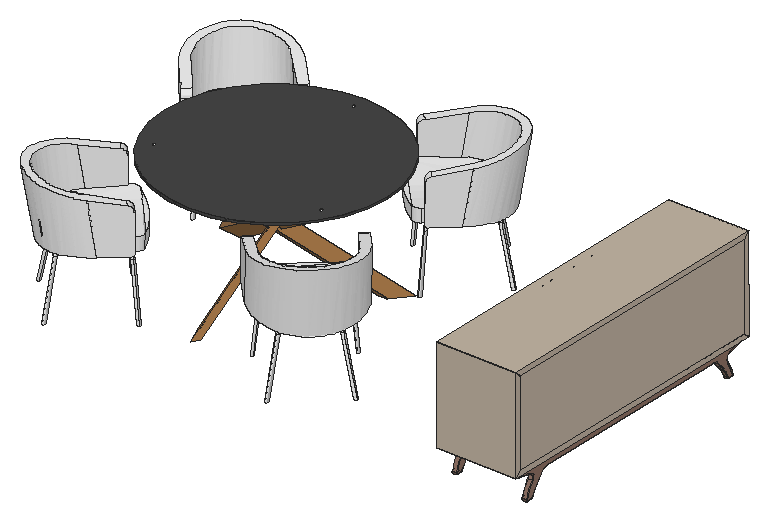
Revit family "T400116", category Furniture, Revit 2015
Parameters (values of type "T400116")
  URL = "https://ofs.com/"
  Model = "T400116"
  Manufacturer = "OFS"
  Description = "OFS TYPICAL T400116"
  Copyright © = "©OFS 2021"
  Catalog = "https://ofs.com/2020-experience"
  Authoring Version = "Autodesk Revit Architecture 2015"
  Assembly Code = "E2020400"
Reference planes
  plane 1 "Center Front/Back": y = 0
  plane 2: z = 0
  plane 3 "Center Left/Right": x = 0
Nested families
  nested 1: "OFS BECK CREDENZAS" at (1629.386, -34.9, 0) x (0, -1, 0) z (0, 0, 1)
  nested 2: "OFS_BECK_TABLES" at (-405.715, 68.993, 0)
  nested 3: "Loewenstein_Cinque_Guest" at (-1118.896, 695.453, 0) x (0.7338, 0.6794, 0) z (0, 0, 1)
  nested 4: "Loewenstein_Cinque_Guest" at (202.598, 780.88, 0) x (0.6753, -0.7375, 0) z (0, 0, 1)
  nested 5: "Loewenstein_Cinque_Guest" at (280.749, -541.065, 0) x (-0.7412, -0.6713, 0) z (0, 0, 1)
  nested 6: "Loewenstein_Cinque_Guest" at (-1041.605, -611.938, 0) x (-0.6672, 0.7449, 0) z (0, 0, 1)
Definition of nested family "OFS BECK CREDENZAS"
  Parameters (values of type "Shelf-Drawer-Shelf Credenza")
    Width = 1790.7 mm
    SDS1 = yes
    DSD1 = no
    Drawers Material = none
    Chasis Material = none
    Legs Material = none
    Height = 762 mm
    Depth = 488.95 mm
    Handle Material = none
    Doors Material = none
  Reference planes
    plane 1 "Center Front/Back": y = 0
    plane 2: z = 0
    plane 3 "Center Left/Right": x = 0
    plane 4: x = -895.35
    plane 5: y = 244.475
    plane 6: y = -244.475
    plane 7: z = 762
    plane 8: z = 0
    plane 9: x = 895.35
  Forms (mm)
    Extrusion 1, solid, material <- "Legs Material"
      sketch origin (0, 0, 0) x (1, 0, 0) y (0, 0, 1)
        loop
          arc (650.386, 133.35) -> (660.679, 131.171) -> (669.206, 125.008) r 25.4
          line (669.206, 125.008) -> (704.444, 86.131)
          arc (704.444, 86.131) -> (735.351, 46.423) -> (759.981, 2.544) r 336.022
          arc (759.981, 2.544) -> (761.608, 0.69) -> (763.976, 0) r 4.408
          line (763.976, 0) -> (789.85, 0)
          arc (789.85, 0) -> (793.695, 1.948) -> (794.4, 6.201) r 4.77
          arc (794.4, 6.201) -> (775.128, 55.02) -> (749.111, 100.604) r 368.223
          arc (749.111, 100.604) -> (746.794, 124.556) -> (765.502, 139.693) r 25.4
          arc (765.502, 139.693) -> (814.305, 150.471) -> (862.357, 164.214) r 816.484
          arc (862.357, 164.214) -> (865.553, 166.518) -> (866.775, 170.263) r 6.35
          line (866.775, 170.263) -> (866.775, 177.8) -> (-866.775, 177.8) -> (-866.775, 170.263)
          arc (-866.775, 170.263) -> (-865.553, 166.518) -> (-862.357, 164.214) r 6.35
          arc (-862.357, 164.214) -> (-814.305, 150.471) -> (-765.502, 139.693) r 816.484
          arc (-765.502, 139.693) -> (-746.794, 124.556) -> (-749.111, 100.604) r 25.4
          arc (-749.111, 100.604) -> (-775.128, 55.02) -> (-794.4, 6.201) r 368.223
          arc (-794.4, 6.201) -> (-793.695, 1.948) -> (-789.85, 0) r 4.77
          line (-789.85, 0) -> (-763.976, 0)
          arc (-763.976, 0) -> (-761.608, 0.69) -> (-759.981, 2.544) r 4.408
          arc (-759.981, 2.544) -> (-735.351, 46.423) -> (-704.444, 86.131) r 336.022
          line (-704.444, 86.131) -> (-669.206, 125.008)
          arc (-669.206, 125.008) -> (-660.679, 131.171) -> (-650.386, 133.35) r 25.4
          line (-650.386, 133.35) -> (650.386, 133.35)
      from 200.025 to 231.775
    Extrusion 2, solid, material <- "Legs Material"
      sketch origin (0, 0, 0) x (1, 0, 0) y (0, 0, -1)
        loop
          line (650.386, -133.35) -> (-650.386, -133.35)
          arc (-650.386, -133.35) -> (-660.679, -131.171) -> (-669.206, -125.008) r 25.4
          line (-669.206, -125.008) -> (-704.444, -86.131)
          arc (-704.444, -86.131) -> (-735.351, -46.423) -> (-759.981, -2.544) r 336.022
          arc (-759.981, -2.544) -> (-761.608, -0.69) -> (-763.976, 0) r 4.408
          line (-763.976, 0) -> (-789.85, 0)
          arc (-789.85, 0) -> (-793.695, -1.948) -> (-794.4, -6.201) r 4.77
          arc (-794.4, -6.201) -> (-775.128, -55.02) -> (-749.111, -100.604) r 368.223
          arc (-749.111, -100.604) -> (-746.794, -124.556) -> (-765.502, -139.693) r 25.4
          arc (-765.502, -139.693) -> (-814.305, -150.471) -> (-862.357, -164.214) r 816.484
          arc (-862.357, -164.214) -> (-865.553, -166.518) -> (-866.775, -170.263) r 6.35
          line (-866.775, -170.263) -> (-866.775, -177.8) -> (866.775, -177.8) -> (866.775, -170.263)
          arc (866.775, -170.263) -> (865.553, -166.518) -> (862.357, -164.214) r 6.35
          arc (862.357, -164.214) -> (814.305, -150.471) -> (765.502, -139.693) r 816.484
          arc (765.502, -139.693) -> (746.794, -124.556) -> (749.111, -100.604) r 25.4
          arc (749.111, -100.604) -> (775.128, -55.02) -> (794.4, -6.201) r 368.223
          arc (794.4, -6.201) -> (793.695, -1.948) -> (789.85, 0) r 4.77
          line (789.85, 0) -> (763.976, 0)
          arc (763.976, 0) -> (761.608, -0.69) -> (759.981, -2.544) r 4.408
          arc (759.981, -2.544) -> (735.351, -46.423) -> (704.444, -86.131) r 336.022
          line (704.444, -86.131) -> (669.206, -125.008)
          arc (669.206, -125.008) -> (660.679, -131.171) -> (650.386, -133.35) r 25.4
      from 200.025 to 231.775
    Extrusion 3, solid
      sketch origin (0, 0, 0) x (1, 0, 0) y (0, 0, 1)
        loop
          line (-752.475, 146.05) -> (-650.875, 146.05) -> (-650.875, 177.8) -> (-752.475, 177.8) -> (-752.475, 146.05)
        loop
          line (752.475, 146.05) -> (752.475, 177.8) -> (650.875, 177.8) -> (650.875, 146.05) -> (752.475, 146.05)
      from -200.025 to 200.025
    Extrusion 4, solid, material <- "Chasis Material"
      sketch origin (0, 0, 0) x (1, 0, 0) y (0, 0, 1)
        loop
          line (895.35, 762) -> (-895.35, 762) -> (-865.187, 731.837) -> (865.188, 731.837) -> (895.35, 762)
      from -244.475 to 244.475
    Extrusion 5, solid, material <- "Chasis Material"
      sketch origin (0, 0, 939.8) x (1, 0, 0) y (0, 0, 1)
        loop
          line (895.35, -762) -> (865.188, -731.837) -> (-865.187, -731.837) -> (-895.35, -762) -> (895.35, -762)
      from -244.475 to 244.475
    Extrusion 6, solid, material <- "Chasis Material"
      sketch origin (-133.35, 0, 1073.15) x (0, 0, 1) y (-1, 0, 0)
        loop
          line (-311.15, 762) -> (-895.35, 762) -> (-865.187, 731.837) -> (-341.313, 731.837) -> (-311.15, 762)
      from -244.475 to 244.475
    Extrusion 7, solid, material <- "Chasis Material"
      sketch origin (133.35, 0, 1073.15) x (0, 0, 1) y (-1, 0, 0)
        loop
          line (-311.15, -762) -> (-341.313, -731.837) -> (-865.187, -731.837) -> (-895.35, -762) -> (-311.15, -762)
      from -244.475 to 244.475
    Extrusion 8, solid, material <- "Chasis Material"
      sketch origin (0, 0, 0) x (1, 0, 0) y (0, 0, 1)
        loop
          line (-865.187, 731.837) -> (-865.187, 207.962) -> (865.188, 207.962) -> (865.188, 731.837) -> (-865.187, 731.837)
      from -244.475 to -225.425
    Sweep 9, void
      path origin (0, -231.775, 0) x (1, 0, 0) y (0, 0, 1)
        loop
          line (-866.775, 177.8) -> (-866.775, 170.263)
          arc (-866.775, 170.263) -> (-865.553, 166.518) -> (-862.357, 164.214) r 6.35
          arc (-862.357, 164.214) -> (-814.305, 150.471) -> (-765.502, 139.693) r 816.484
          arc (-765.502, 139.693) -> (-746.794, 124.556) -> (-749.111, 100.604) r 25.4
          arc (-749.111, 100.604) -> (-775.128, 55.02) -> (-794.4, 6.201) r 368.223
          arc (-794.4, 6.201) -> (-793.695, 1.948) -> (-789.85, 0) r 4.77
          line (-789.85, 0) -> (-763.976, 0)
          arc (-763.976, 0) -> (-761.608, 0.69) -> (-759.981, 2.544) r 4.408
          arc (-759.981, 2.544) -> (-735.351, 46.423) -> (-704.444, 86.131) r 336.022
          line (-704.444, 86.131) -> (-669.206, 125.008)
          arc (-669.206, 125.008) -> (-660.679, 131.171) -> (-650.386, 133.35) r 25.4
          line (-650.386, 133.35) -> (650.386, 133.35)
          arc (650.386, 133.35) -> (660.679, 131.171) -> (669.206, 125.008) r 25.4
          line (669.206, 125.008) -> (704.444, 86.131)
          arc (704.444, 86.131) -> (735.351, 46.423) -> (759.981, 2.544) r 336.022
          arc (759.981, 2.544) -> (761.608, 0.69) -> (763.976, 0) r 4.408
          line (763.976, 0) -> (789.85, 0)
          arc (789.85, 0) -> (793.695, 1.948) -> (794.4, 6.201) r 4.77
          arc (794.4, 6.201) -> (775.128, 55.02) -> (749.111, 100.604) r 368.223
          arc (749.111, 100.604) -> (746.794, 124.556) -> (765.502, 139.693) r 25.4
          arc (765.502, 139.693) -> (814.305, 150.471) -> (862.357, 164.214) r 816.484
          arc (862.357, 164.214) -> (865.553, 166.518) -> (866.775, 170.263) r 6.35
          line (866.775, 170.263) -> (866.775, 177.8)
      profile origin (0, -231.775, 133.35) x (0, 0, 1) y (0, -1, 0)
        loop
          line (0, 0) -> (0, -3.175)
          arc (0, -3.175) -> (0.93, -0.93) -> (3.175, 0) r 3.175
          line (3.175, 0) -> (0, 0)
    Sweep 10, void
      path origin (0, -200.025, 0) x (1, 0, 0) y (0, 0, -1)
        loop
          line (-866.775, -177.8) -> (-866.775, -170.263)
          arc (-866.775, -170.263) -> (-865.553, -166.518) -> (-862.357, -164.214) r 6.35
          arc (-862.357, -164.214) -> (-814.305, -150.471) -> (-765.502, -139.693) r 816.484
          arc (-765.502, -139.693) -> (-746.794, -124.556) -> (-749.111, -100.604) r 25.4
          arc (-749.111, -100.604) -> (-775.128, -55.02) -> (-794.4, -6.201) r 368.223
          arc (-794.4, -6.201) -> (-793.695, -1.948) -> (-789.85, 0) r 4.77
          line (-789.85, 0) -> (-763.976, 0)
          arc (-763.976, 0) -> (-761.608, -0.69) -> (-759.981, -2.544) r 4.408
          arc (-759.981, -2.544) -> (-735.351, -46.423) -> (-704.444, -86.131) r 336.022
          line (-704.444, -86.131) -> (-669.206, -125.008)
          arc (-669.206, -125.008) -> (-660.679, -131.171) -> (-650.386, -133.35) r 25.4
          line (-650.386, -133.35) -> (650.386, -133.35)
          arc (650.386, -133.35) -> (660.679, -131.171) -> (669.206, -125.008) r 25.4
          line (669.206, -125.008) -> (704.444, -86.131)
          arc (704.444, -86.131) -> (735.351, -46.423) -> (759.981, -2.544) r 336.022
          arc (759.981, -2.544) -> (761.608, -0.69) -> (763.976, 0) r 4.408
          line (763.976, 0) -> (789.85, 0)
          arc (789.85, 0) -> (793.695, -1.948) -> (794.4, -6.201) r 4.77
          arc (794.4, -6.201) -> (775.128, -55.02) -> (749.111, -100.604) r 368.223
          arc (749.111, -100.604) -> (746.794, -124.556) -> (765.502, -139.693) r 25.4
          arc (765.502, -139.693) -> (814.305, -150.471) -> (862.357, -164.214) r 816.484
          arc (862.357, -164.214) -> (865.553, -166.518) -> (866.775, -170.263) r 6.35
          line (866.775, -170.263) -> (866.775, -177.8)
      profile origin (0, -200.025, 133.35) x (0, 0, -1) y (0, 1, 0)
        loop
          line (0, 0) -> (-3.175, 0)
          arc (-3.175, 0) -> (-0.93, -0.93) -> (0, -3.175) r 3.175
          line (0, -3.175) -> (0, 0)
    Sweep 11, void
      path origin (0, 200.025, 0) x (1, 0, 0) y (0, 0, 1)
        loop
          line (-866.775, 177.8) -> (-866.775, 170.263)
          arc (-866.775, 170.263) -> (-865.553, 166.518) -> (-862.357, 164.214) r 6.35
          arc (-862.357, 164.214) -> (-814.305, 150.471) -> (-765.502, 139.693) r 816.484
          arc (-765.502, 139.693) -> (-746.794, 124.556) -> (-749.111, 100.604) r 25.4
          arc (-749.111, 100.604) -> (-775.128, 55.02) -> (-794.4, 6.201) r 368.223
          arc (-794.4, 6.201) -> (-793.695, 1.948) -> (-789.85, 0) r 4.77
          line (-789.85, 0) -> (-763.976, 0)
          arc (-763.976, 0) -> (-761.608, 0.69) -> (-759.981, 2.544) r 4.408
          arc (-759.981, 2.544) -> (-735.351, 46.423) -> (-704.444, 86.131) r 336.022
          line (-704.444, 86.131) -> (-669.206, 125.008)
          arc (-669.206, 125.008) -> (-660.679, 131.171) -> (-650.386, 133.35) r 25.4
          line (-650.386, 133.35) -> (650.386, 133.35)
          arc (650.386, 133.35) -> (660.679, 131.171) -> (669.206, 125.008) r 25.4
          line (669.206, 125.008) -> (704.444, 86.131)
          arc (704.444, 86.131) -> (735.351, 46.423) -> (759.981, 2.544) r 336.022
          arc (759.981, 2.544) -> (761.608, 0.69) -> (763.976, 0) r 4.408
          line (763.976, 0) -> (789.85, 0)
          arc (789.85, 0) -> (793.695, 1.948) -> (794.4, 6.201) r 4.77
          arc (794.4, 6.201) -> (775.128, 55.02) -> (749.111, 100.604) r 368.223
          arc (749.111, 100.604) -> (746.794, 124.556) -> (765.502, 139.693) r 25.4
          arc (765.502, 139.693) -> (814.305, 150.471) -> (862.357, 164.214) r 816.484
          arc (862.357, 164.214) -> (865.553, 166.518) -> (866.775, 170.263) r 6.35
          line (866.775, 170.263) -> (866.775, 177.8)
      profile origin (0, 200.025, 133.35) x (0, 0, 1) y (0, -1, 0)
        loop
          line (0, 0) -> (0, -3.175)
          arc (0, -3.175) -> (0.93, -0.93) -> (3.175, 0) r 3.175
          line (3.175, 0) -> (0, 0)
    Sweep 12, void
      path origin (0, 231.775, 0) x (1, 0, 0) y (0, 0, -1)
        loop
          line (-866.775, -177.8) -> (-866.775, -170.263)
          arc (-866.775, -170.263) -> (-865.553, -166.518) -> (-862.357, -164.214) r 6.35
          arc (-862.357, -164.214) -> (-814.305, -150.471) -> (-765.502, -139.693) r 816.484
          arc (-765.502, -139.693) -> (-746.794, -124.556) -> (-749.111, -100.604) r 25.4
          arc (-749.111, -100.604) -> (-775.128, -55.02) -> (-794.4, -6.201) r 368.223
          arc (-794.4, -6.201) -> (-793.695, -1.948) -> (-789.85, 0) r 4.77
          line (-789.85, 0) -> (-763.976, 0)
          arc (-763.976, 0) -> (-761.608, -0.69) -> (-759.981, -2.544) r 4.408
          arc (-759.981, -2.544) -> (-735.351, -46.423) -> (-704.444, -86.131) r 336.022
          line (-704.444, -86.131) -> (-669.206, -125.008)
          arc (-669.206, -125.008) -> (-660.679, -131.171) -> (-650.386, -133.35) r 25.4
          line (-650.386, -133.35) -> (650.386, -133.35)
          arc (650.386, -133.35) -> (660.679, -131.171) -> (669.206, -125.008) r 25.4
          line (669.206, -125.008) -> (704.444, -86.131)
          arc (704.444, -86.131) -> (735.351, -46.423) -> (759.981, -2.544) r 336.022
          arc (759.981, -2.544) -> (761.608, -0.69) -> (763.976, 0) r 4.408
          line (763.976, 0) -> (789.85, 0)
          arc (789.85, 0) -> (793.695, -1.948) -> (794.4, -6.201) r 4.77
          arc (794.4, -6.201) -> (775.128, -55.02) -> (749.111, -100.604) r 368.223
          arc (749.111, -100.604) -> (746.794, -124.556) -> (765.502, -139.693) r 25.4
          arc (765.502, -139.693) -> (814.305, -150.471) -> (862.357, -164.214) r 816.484
          arc (862.357, -164.214) -> (865.553, -166.518) -> (866.775, -170.263) r 6.35
          line (866.775, -170.263) -> (866.775, -177.8)
      profile origin (0, 231.775, 133.35) x (0, 0, -1) y (0, 1, 0)
        loop
          line (0, 0) -> (-3.175, 0)
          arc (-3.175, 0) -> (-0.93, -0.93) -> (0, -3.175) r 3.175
          line (0, -3.175) -> (0, 0)
    Sweep 13, void
      path origin (0, -244.475, 0) x (1, 0, 0) y (0, 0, 1)
        loop
          line (895.35, 762) -> (-895.35, 762) -> (-895.35, 177.8) -> (895.35, 177.8) -> (895.35, 762)
      profile origin (0, -244.475, 762) x (0, 0, -1) y (0, -1, 0)
        loop
          arc (25.702, -6.424) -> (27.914, -8.431) -> (30.694, -9.525) r 8.299
          line (30.694, -9.525) -> (30.694, 2.151) -> (12.7, 2.151) -> (12.7, 0)
          arc (12.7, 0) -> (19.951, -1.694) -> (25.702, -6.424) r 16.37
    Extrusion 14, solid, material <- "Drawers Material", visible <- "DSD1"
      sketch origin (0, 25.4, 0) x (1, 0, 0) y (0, 0, 1)
        loop
          line (-614.42, 702.469) -> (-696.855, 702.469)
          arc (-696.855, 702.469) -> (-712.409, 705.788) -> (-725.253, 715.169) r 38.1
          arc (-725.253, 715.169) -> (-738.097, 724.549) -> (-753.651, 727.869) r 38.1
          line (-753.651, 727.869) -> (-862.012, 727.869) -> (-862.012, 558.006) -> (-449.262, 558.006) -> (-449.262, 727.869) -> (-557.624, 727.869)
          arc (-557.624, 727.869) -> (-573.178, 724.549) -> (-586.022, 715.169) r 38.1
          arc (-586.022, 715.169) -> (-598.866, 705.788) -> (-614.42, 702.469) r 38.1
      from 214.313 to 233.363
    Extrusion 15, solid, material <- "Drawers Material", visible <- "DSD1"
      sketch origin (0, 25.4, -173.037) x (1, 0, 0) y (0, 0, 1)
        loop
          line (-614.42, 702.469) -> (-696.855, 702.469)
          arc (-696.855, 702.469) -> (-712.409, 705.788) -> (-725.253, 715.169) r 38.1
          arc (-725.253, 715.169) -> (-738.097, 724.549) -> (-753.651, 727.869) r 38.1
          line (-753.651, 727.869) -> (-862.012, 727.869) -> (-862.012, 558.006) -> (-449.262, 558.006) -> (-449.262, 727.869) -> (-557.624, 727.869)
          arc (-557.624, 727.869) -> (-573.178, 724.549) -> (-586.022, 715.169) r 38.1
          arc (-586.022, 715.169) -> (-598.866, 705.788) -> (-614.42, 702.469) r 38.1
      from 214.313 to 233.363
    Extrusion 16, solid, material <- "Drawers Material", visible <- "DSD1"
      sketch origin (0, 25.4, -346.075) x (1, 0, 0) y (0, 0, 1)
        loop
          line (-614.42, 702.469) -> (-696.855, 702.469)
          arc (-696.855, 702.469) -> (-712.409, 705.788) -> (-725.253, 715.169) r 38.1
          arc (-725.253, 715.169) -> (-738.097, 724.549) -> (-753.651, 727.869) r 38.1
          line (-753.651, 727.869) -> (-862.012, 727.869) -> (-862.012, 558.006) -> (-449.262, 558.006) -> (-449.262, 727.869) -> (-557.624, 727.869)
          arc (-557.624, 727.869) -> (-573.178, 724.549) -> (-586.022, 715.169) r 38.1
          arc (-586.022, 715.169) -> (-598.866, 705.788) -> (-614.42, 702.469) r 38.1
      from 214.313 to 233.363
    Extrusion 17, solid, material <- "Drawers Material", visible <- "DSD1"
      sketch origin (0, 25.4, 0) x (-1, 0, 0) y (0, 0, -1)
        loop
          arc (-614.42, -702.469) -> (-598.866, -705.788) -> (-586.022, -715.169) r 38.1
          arc (-586.022, -715.169) -> (-573.178, -724.549) -> (-557.624, -727.869) r 38.1
          line (-557.624, -727.869) -> (-449.263, -727.869) -> (-449.263, -558.006) -> (-862.013, -558.006) -> (-862.013, -727.869) -> (-753.651, -727.869)
          arc (-753.651, -727.869) -> (-738.097, -724.549) -> (-725.253, -715.169) r 38.1
          arc (-725.253, -715.169) -> (-712.409, -705.788) -> (-696.855, -702.469) r 38.1
          line (-696.855, -702.469) -> (-614.42, -702.469)
      from 214.313 to 233.363
    Extrusion 18, solid, material <- "Drawers Material", visible <- "DSD1"
      sketch origin (0, 25.4, -173.037) x (-1, 0, 0) y (0, 0, -1)
        loop
          arc (-614.42, -702.469) -> (-598.866, -705.788) -> (-586.022, -715.169) r 38.1
          arc (-586.022, -715.169) -> (-573.178, -724.549) -> (-557.624, -727.869) r 38.1
          line (-557.624, -727.869) -> (-449.263, -727.869) -> (-449.263, -558.006) -> (-862.013, -558.006) -> (-862.013, -727.869) -> (-753.651, -727.869)
          arc (-753.651, -727.869) -> (-738.097, -724.549) -> (-725.253, -715.169) r 38.1
          arc (-725.253, -715.169) -> (-712.409, -705.788) -> (-696.855, -702.469) r 38.1
          line (-696.855, -702.469) -> (-614.42, -702.469)
      from 214.313 to 233.363
    Extrusion 19, solid, material <- "Drawers Material", visible <- "DSD1"
      sketch origin (0, 25.4, -346.075) x (-1, 0, 0) y (0, 0, -1)
        loop
          arc (-614.42, -702.469) -> (-598.866, -705.788) -> (-586.022, -715.169) r 38.1
          arc (-586.022, -715.169) -> (-573.178, -724.549) -> (-557.624, -727.869) r 38.1
          line (-557.624, -727.869) -> (-449.263, -727.869) -> (-449.263, -558.006) -> (-862.013, -558.006) -> (-862.013, -727.869) -> (-753.651, -727.869)
          arc (-753.651, -727.869) -> (-738.097, -724.549) -> (-725.253, -715.169) r 38.1
          arc (-725.253, -715.169) -> (-712.409, -705.788) -> (-696.855, -702.469) r 38.1
          line (-696.855, -702.469) -> (-614.42, -702.469)
      from 214.313 to 233.363
    Extrusion 20, solid, material <- "Doors Material", visible <- "DSD1"
      sketch origin (0, 0, 0) x (1, 0, 0) y (0, 0, 1)
        loop
          line (-436.562, 729.139) -> (-436.562, 210.661) -> (0, 210.661) -> (0, 729.139) -> (-436.562, 729.139)
      from 214.313 to 233.363
    Extrusion 21, solid, material <- "Doors Material", visible <- "DSD1"
      sketch origin (0, 0, 0) x (-1, 0, 0) y (0, 0, -1)
        loop
          line (-436.563, -729.139) -> (0, -729.139) -> (0, -210.661) -> (-436.562, -210.661) -> (-436.563, -729.139)
      from 214.313 to 233.363
    Extrusion 22, solid, material <- "Handle Material", visible <- "DSD1"
      sketch origin (0, 0, 0) x (0, 1, 0) y (0, 0, 1)
        loop
          arc (-240.404, 729.139) -> (-246.762, 726.706) -> (-249.873, 720.651) r 9.525
          line (-249.873, 720.651) -> (-252.133, 700.029)
          arc (-252.133, 700.029) -> (-251.539, 698.181) -> (-249.766, 697.389) r 2.381
          line (-249.766, 697.389) -> (-248.45, 697.389) -> (-244.763, 708.857)
          arc (-244.763, 708.857) -> (-242.458, 712.045) -> (-238.718, 713.264) r 6.35
          line (-238.718, 713.264) -> (-233.363, 713.264) -> (-233.363, 729.139) -> (-240.404, 729.139)
      from 0 to 390.119
    Extrusion 23, void
      sketch origin (0.397, 0, -0.397) x (1, 0, 0) y (0, 0, 1)
        loop
          line (321.169, 694.241) -> (392.683, 694.241) -> (392.683, 723.597)
          arc (392.683, 723.597) -> (377.797, 715.78) -> (361.181, 713.213) r 51.139
          arc (361.181, 713.213) -> (338.981, 708.355) -> (321.169, 694.241) r 50.419
      from 230.621 to 258.952
    Extrusion 24, solid, material <- "Handle Material", visible <- "DSD1"
      sketch origin (0, 0, 0) x (0, 1, 0) y (0, 0, -1)
        loop
          line (-240.404, -729.139) -> (-233.363, -729.139) -> (-233.363, -713.264) -> (-238.718, -713.264)
          arc (-238.718, -713.264) -> (-242.458, -712.045) -> (-244.763, -708.857) r 6.35
          line (-244.763, -708.857) -> (-248.45, -697.389) -> (-249.766, -697.389)
          arc (-249.766, -697.389) -> (-251.539, -698.181) -> (-252.133, -700.029) r 2.381
          line (-252.133, -700.029) -> (-249.873, -720.651)
          arc (-249.873, -720.651) -> (-246.762, -726.706) -> (-240.404, -729.139) r 9.525
      from 0 to 390.119
    Extrusion 25, void
      sketch origin (-0.397, 0, -0.397) x (-1, 0, 0) y (0, 0, -1)
        loop
          arc (321.169, -694.241) -> (338.981, -708.355) -> (361.181, -713.213) r 50.419
          arc (361.181, -713.213) -> (377.797, -715.78) -> (392.683, -723.597) r 51.139
          line (392.683, -723.597) -> (392.683, -694.241) -> (321.169, -694.241)
      from 230.621 to 258.952
    Extrusion 26, solid, material <- "Chasis Material"
      sketch origin (0, 0, 0) x (1, 0, 0) y (0, 1, 0)
        loop
          line (-427.037, 225.425) -> (-446.087, 225.425) -> (-446.087, -207.975) -> (-427.037, -207.975) -> (-427.037, 225.425)
        loop
          line (427.037, 225.425) -> (427.037, -207.975) -> (446.087, -207.975) -> (446.087, 225.425) -> (427.037, 225.425)
      from 207.962 to 731.837
    Extrusion 27, solid, material <- "Drawers Material", visible <- "SDS1"
      sketch origin (655.637, 25.4, -346.075) x (1, 0, 0) y (0, 0, 1)
        loop
          line (-560.277, 702.469) -> (-750.998, 702.469)
          arc (-750.998, 702.469) -> (-766.552, 705.788) -> (-779.396, 715.169) r 38.1
          arc (-779.396, 715.169) -> (-792.24, 724.549) -> (-807.794, 727.869) r 38.1
          line (-807.794, 727.869) -> (-1073.15, 727.869) -> (-1073.15, 558.006) -> (-238.125, 558.006) -> (-238.125, 727.869) -> (-503.481, 727.869)
          arc (-503.481, 727.869) -> (-519.035, 724.549) -> (-531.879, 715.169) r 38.1
          arc (-531.879, 715.169) -> (-544.723, 705.788) -> (-560.277, 702.469) r 38.1
      from 214.313 to 233.363
    Extrusion 28, solid, material <- "Drawers Material", visible <- "SDS1"
      sketch origin (655.637, 25.4, -173.037) x (1, 0, 0) y (0, 0, 1)
        loop
          line (-560.277, 702.469) -> (-750.998, 702.469)
          arc (-750.998, 702.469) -> (-766.552, 705.788) -> (-779.396, 715.169) r 38.1
          arc (-779.396, 715.169) -> (-792.24, 724.549) -> (-807.794, 727.869) r 38.1
          line (-807.794, 727.869) -> (-1073.15, 727.869) -> (-1073.15, 558.006) -> (-238.125, 558.006) -> (-238.125, 727.869) -> (-503.481, 727.869)
          arc (-503.481, 727.869) -> (-519.035, 724.549) -> (-531.879, 715.169) r 38.1
          arc (-531.879, 715.169) -> (-544.723, 705.788) -> (-560.277, 702.469) r 38.1
      from 214.313 to 233.363
    Extrusion 29, solid, material <- "Drawers Material", visible <- "SDS1"
      sketch origin (655.637, 25.4, 0) x (1, 0, 0) y (0, 0, 1)
        loop
          line (-560.277, 702.469) -> (-750.998, 702.469)
          arc (-750.998, 702.469) -> (-766.552, 705.788) -> (-779.396, 715.169) r 38.1
          arc (-779.396, 715.169) -> (-792.24, 724.549) -> (-807.794, 727.869) r 38.1
          line (-807.794, 727.869) -> (-1073.15, 727.869) -> (-1073.15, 558.006) -> (-238.125, 558.006) -> (-238.125, 727.869) -> (-503.481, 727.869)
          arc (-503.481, 727.869) -> (-519.035, 724.549) -> (-531.879, 715.169) r 38.1
          arc (-531.879, 715.169) -> (-544.723, 705.788) -> (-560.277, 702.469) r 38.1
      from 214.313 to 233.363
    Extrusion 30, solid, material <- "Doors Material", visible <- "SDS1"
      sketch origin (-428.625, 0, 0) x (1, 0, 0) y (0, 0, 1)
        loop
          line (-436.562, 729.139) -> (-436.562, 210.661) -> (0, 210.661) -> (0, 729.139) -> (-436.562, 729.139)
      from 214.313 to 233.363
    Extrusion 31, solid, material <- "Handle Material", visible <- "SDS1"
      sketch origin (-428.625, 0, 0) x (0, 1, 0) y (0, 0, -1)
        loop
          line (-240.404, -729.139) -> (-233.363, -729.139) -> (-233.363, -713.264) -> (-238.718, -713.264)
          arc (-238.718, -713.264) -> (-242.458, -712.045) -> (-244.763, -708.857) r 6.35
          line (-244.763, -708.857) -> (-248.45, -697.389) -> (-249.766, -697.389)
          arc (-249.766, -697.389) -> (-251.539, -698.181) -> (-252.133, -700.029) r 2.381
          line (-252.133, -700.029) -> (-249.873, -720.651)
          arc (-249.873, -720.651) -> (-246.762, -726.706) -> (-240.404, -729.139) r 9.525
      from 0 to 390.119
    Extrusion 32, void
      sketch origin (-429.022, 0, -0.397) x (-1, 0, 0) y (0, 0, -1)
        loop
          arc (321.169, -694.241) -> (338.981, -708.355) -> (361.181, -713.213) r 50.419
          arc (361.181, -713.213) -> (377.797, -715.78) -> (392.683, -723.597) r 51.139
          line (392.683, -723.597) -> (392.683, -694.241) -> (321.169, -694.241)
      from 230.621 to 258.952
    Extrusion 33, solid, material <- "Doors Material", visible <- "SDS1"
      sketch origin (428.625, 0, 0) x (-1, 0, 0) y (0, 0, -1)
        loop
          line (-436.562, -729.139) -> (0, -729.139) -> (0, -210.661) -> (-436.562, -210.661) -> (-436.562, -729.139)
      from 214.313 to 233.363
    Extrusion 34, solid, material <- "Handle Material", visible <- "SDS1"
      sketch origin (428.625, 0, 0) x (0, 1, 0) y (0, 0, 1)
        loop
          arc (-240.404, 729.139) -> (-246.762, 726.706) -> (-249.873, 720.651) r 9.525
          line (-249.873, 720.651) -> (-252.133, 700.029)
          arc (-252.133, 700.029) -> (-251.539, 698.181) -> (-249.766, 697.389) r 2.381
          line (-249.766, 697.389) -> (-248.45, 697.389) -> (-244.763, 708.857)
          arc (-244.763, 708.857) -> (-242.458, 712.045) -> (-238.718, 713.264) r 6.35
          line (-238.718, 713.264) -> (-233.363, 713.264) -> (-233.363, 729.139) -> (-240.404, 729.139)
      from 0 to 390.119
    Extrusion 35, void
      sketch origin (429.022, 0, -0.397) x (1, 0, 0) y (0, 0, 1)
        loop
          line (321.169, 694.241) -> (392.683, 694.241) -> (392.683, 723.597)
          arc (392.683, 723.597) -> (377.797, 715.78) -> (361.181, 713.213) r 51.139
          arc (361.181, 713.213) -> (338.981, 708.355) -> (321.169, 694.241) r 50.419
      from 230.621 to 258.952
  Cuts and joins
    Sweep 11, Sweep 12 cuts Extrusion 2
    Sweep 9, Sweep 10 cuts Extrusion 1
    Sweep 13 cuts Extrusion 6
    Sweep 13 cuts Extrusion 4
    Sweep 13 cuts Extrusion 7
    Sweep 13 cuts Extrusion 5
    Extrusion 23 cuts Extrusion 22
    Extrusion 25 cuts Extrusion 24
    Extrusion 32 cuts Extrusion 31
    Extrusion 35 cuts Extrusion 34
  Dimensions and locks
    "Depth": plane 6 to plane 5
    "Height": plane 7 to level
    "Width": plane 4 to plane 9
Definition of nested family "OFS_BECK_TABLES"
  Parameters (values of type "30" CONFERENCE TABLE - ROUND CLEAR GLASS TOP")
    T2 = yes
    Width = 762 mm
    TT = 12.7 mm
    R2 = HEX RAD - 50.8 mm  # 254 mm
    C1 = and(T2)  # yes
    Beck Table Material = none
    T1 = no
    Beck Legs Material = none
    Height = 736.6 mm
    HEX RAD = 304.8 mm
    HEX HEIGHT = 762 mm
    HEX DEPTH = 38.1 mm
    Depth = 762 mm
    Beck Glass Material = none
    Beck Caps Material = none
  Reference planes
    plane 1 "Center Front/Back": y = 0
    plane 2: z = 0
    plane 3 "Center Left/Right": x = 0
    plane 4: x = -381
    plane 5: x = 381
    plane 6: y = 381
    plane 7: y = -381
    plane 8: z = 736.6
    plane 9: z = 762
    plane 10: y = -330.2
    plane 11: through (226.877, -267.437, 1219.2) normal (-0.866, 0.5, 0)
    plane 12: through (-226.877, -267.437, 1219.2) normal (-0.866, -0.5, 0)
    plane 13: y = 330.2
    plane 14: through (226.877, 267.437, 1219.2) normal (0.866, 0.5, 0)
    plane 15: through (-226.877, 267.437, 1219.2) normal (0.866, -0.5, 0)
    plane 16: through (37.087, -115.037, 1219.2) normal (-0.866, -0.5, 0)
    plane 17: y = -25.4
    plane 18: through (-37.087, -115.037, 1219.2) normal (-0.866, 0.5, 0)
    plane 19: through (37.087, 115.037, 1219.2) normal (0.866, -0.5, 0)
    plane 20: y = 25.4
    plane 21: through (-37.087, 115.037, 1219.2) normal (0.866, 0.5, 0)
    plane 22 "HEX2": through (0, 0, 0) normal (0.5, -0.866, 0)
    plane 23 "HEX1": through (0, 0, 0) normal (0.5, 0.866, 0)
    plane 24: z = 723.9
    plane 25: z = -38.1
    plane 26: z = 0
    plane 27: z = 723.9
  Forms (mm)
    Revolve 1, solid, material <- "Beck Table Material", visible <- "T1"
      sketch origin (0, 0, 0) x (1, 0, 0) y (0, 0, 1)
        loop
          line (0, 736.6) -> (-381, 736.6) -> (-381, 727.154) -> (-351.544, 723.9) -> (0, 723.9) -> (0, 736.6)
        axis (0, 736.6) -> (0, 723.9)
      angle from 0 to 360
    Sweep 2, solid, material <- "Beck Legs Material"
      path origin (0, 0, 0) x (0.866025, -0.5, 0) y (0, 0, 1)
        loop
          line (330.2, 762) -> (-338.191, -38.1)
      profile origin (-3.46, 1.998, 361.95) x (0.664628, -0.383723, -0.641113) y (-0.5, -0.866025, 0)
        loop
          line (-24.415, 40.393) -> (-47.791, 10.514) -> (22.231, -44.271) -> (45.608, -14.393) -> (-24.415, 40.393)
    Sweep 3, solid, material <- "Beck Legs Material"
      path origin (0, 0, 0) x (0, 1, 0) y (0, 0, 1)
        loop
          line (330.2, 762) -> (-338.191, -38.1)
      profile origin (0, -3.996, 361.95) x (0, 0.767446, -0.641113) y (1, 0, 0)
        loop
          line (24.804, -39.85) -> (48.16, -9.955) -> (-21.9, 44.782) -> (-45.256, 14.888) -> (24.804, -39.85)
    Sweep 4, solid, material <- "Beck Legs Material"
      path origin (0, 0, 0) x (-0.866025, -0.5, 0) y (0, 0, 1)
        loop
          line (330.2, 762) -> (-338.191, -38.1)
      profile origin (3.46, 1.998, 361.95) x (-0.664628, -0.383723, -0.641113) y (-0.5, 0.866025, 0)
        loop
          line (-21.528, 43.524) -> (-45.357, 14.006) -> (23.823, -41.84) -> (47.652, -12.322) -> (-21.528, 43.524)
    Extrusion 5, void
      sketch origin (0, 0, 0) x (1, 0, 0) y (0, 1, 0)
        loop
          circle (0, 0) r 381
      from -225.747 to 0
    Extrusion 6, void
      sketch origin (0, 0, 0) x (1, 0, 0) y (0, 1, 0)
        loop
          circle (0, 0) r 381
      from 723.9 to 1444.528
    Extrusion 7, solid, material <- "Beck Glass Material", visible <- "T2"
      sketch origin (0, 0, 0) x (1, 0, 0) y (0, 1, 0)
        loop
          circle (0, 0) r 381
      from 723.9 to 736.6
  Cuts and joins
    Extrusion 5, Extrusion 6 cuts Sweep 2
    Extrusion 5, Extrusion 6 cuts Sweep 3
    Extrusion 5, Extrusion 6 cuts Sweep 4
    joined: Sweep 2, Sweep 3, Sweep 4
  Dimensions and locks
    "Width": plane 4 to plane 5
    "Depth": plane 7 to plane 6
    "Height": plane 8 to level
    "HEX RAD": plane 20 to plane 13
    "HEX RAD": plane 17 to plane 10
    "HEX RAD": plane 21 to plane 14
    "HEX RAD": plane 19 to plane 15
    "HEX RAD": plane 16 to plane 12
    "HEX RAD": plane 18 to plane 11
    "TT": plane 8 to plane 24
    "HEX HEIGHT": plane 9 to level
    "HEX DEPTH": level to plane 25
    "R2": plane 20 to nested 1
    "R2": plane 16 to nested 2
    "R2": plane 18 to nested 3
    "Width": diameter of Extrusion 5 sketch curve
    "Width": diameter of Extrusion 6 sketch curve
    "Width": diameter of Extrusion 7 sketch curve
  Nested families
    nested 1: "cap" at (0, 279.4, 723.9), cap mat <- "Beck Caps Material", visible <- "C1"
    nested 2: "cap" at (-241.967, -139.7, 723.9) x (-0.5, 0.866, 0) z (0, 0, 1), cap mat <- "Beck Caps Material", visible <- "C1"
    nested 3: "cap" at (241.967, -139.7, 723.9) x (-0.5, -0.866, 0) z (0, 0, 1), cap mat <- "Beck Caps Material", visible <- "C1"
  Definition of nested family "cap"
    Parameters
      cap mat [instance] = none
    Reference planes
      plane 1 "Center (Front/Back)": y = 0
      plane 2: z = 0
      plane 3 "Center (Left/Right)": x = 0
    Forms (mm)
      Extrusion 1, solid, material <- "cap mat"
        sketch origin (0, 0, 0) x (1, 0, 0) y (0, 1, 0)
          loop
            circle (0, 0) r 3.175
        from 0 to 12.7
      Revolve 2, solid, material <- "cap mat"
        sketch origin (0, 0, 0) x (1, 0, 0) y (0, 0, 1)
          loop
            line (0, 12.7) -> (0, 13.973)
            arc (0, 13.973) -> (-3.238, 13.652) -> (-6.35, 12.7) r 16.472
            line (-6.35, 12.7) -> (0, 12.7)
          axis (0, 13.973) -> (0, 12.7)
        angle from 0 to 360
Definition of nested family "Loewenstein_Cinque_Guest"
  Parameters (values of type "Loewenstein_Cinque_Guest")
    Type = 1
    Mid_Back = Type = 1  # yes
    Low_Back = Type = 2  # no
    Back [instance] = none
    Seat [instance] = none
    Legs [instance] = none
    Copyright © = (locked) "© 2016 OFS BRANDS"
    Catalog = (locked) "Loewenstein"
    Authoring Version = (locked) "Autodesk Revit Architecture 2014"
  Reference planes
    plane 1 "Center (Front/Back)": y = 0
    plane 2: z = 0
    plane 3 "Center (Left/Right)": x = 0
    plane 4 "rrr": through (-62.426, -139.716, 420.755) normal (0.0223, 0.0194, 0.9996)
  Forms (mm)
    Blend 1, solid, material <- "Back", visible <- "Mid_Back"
      base sketch origin (0, 73.025, 373.063) x (0, 1, 0) y (-1, 0, 0)
        loop
          line (-367.387, 313.062) -> (-367.387, 264.171) -> (-107.02, 250.526)
          arc (-107.02, 250.526) -> (130.72, 0) -> (-107.02, -250.526) r 250.87
          line (-107.02, -250.526) -> (-367.387, -264.171) -> (-367.387, -313.062) -> (-125.045, -304.599)
          arc (-125.045, -304.599) -> (169.103, 0) -> (-125.045, 304.599) r 304.785
          line (-125.045, 304.599) -> (-367.387, 313.062)
      top sketch origin (0, 73.025, 373.063) x (0, 1, 0) y (-1, 0, 0)
        loop
          line (-367.387, 314.503) -> (-367.387, 259.984) -> (-11.937, 241.356)
          arc (-11.937, 241.356) -> (217.101, 0) -> (-11.937, -241.356) r 241.687
          line (-11.937, -241.356) -> (-367.387, -259.984) -> (-367.387, -314.503) -> (-25.874, -302.577)
          arc (-25.874, -302.577) -> (266.322, 0) -> (-25.874, 302.577) r 302.762
          line (-25.874, 302.577) -> (-367.387, 314.503)
      from -29.9 to 571.316
    Extrusion 2, void
      sketch origin (0, -34.925, 17.463) x (0, 1, 0) y (0, 0, 1)
        loop
          line (472.353, 776.227) -> (-154.422, 670.2)
          arc (-154.422, 670.2) -> (-177.036, 657.382) -> (-186.165, 633.043) r 38.1
          line (-186.165, 633.043) -> (-188.585, 407.794)
          arc (-188.585, 407.794) -> (-184.11, 396.599) -> (-173.046, 391.81) r 15.817
          line (-173.046, 391.81) -> (-39.048, 389.457)
          arc (-39.048, 389.457) -> (15.533, 388.238) -> (70.1, 386.5) r 5730.569
          arc (70.1, 386.5) -> (100.199, 384.421) -> (130.1, 380.4) r 466.338
          arc (130.1, 380.4) -> (301.467, 350.331) -> (472.353, 317.638) r 11343.528
          line (472.353, 317.638) -> (472.353, 776.227)
        loop
          line (626.172, 1059.534) -> (-440.628, 1059.534) -> (-440.628, 214.984) -> (626.172, 214.984) -> (626.172, 1059.534)
      from -429.06 to 381.972
    Sweep 3, solid, material <- "Seat"
      path origin (0, -34.896, 19.05) x (0, 1, 0) y (0, 0, 1)
        loop
          arc (417.111, 398.887) -> (272.38, 434.063) -> (123.689, 442.747) r 828.189
          arc (123.689, 442.747) -> (-62.778, 440.926) -> (-249.146, 447.288) r 4249.12
          arc (-249.146, 447.288) -> (-381.764, 445.1) -> (-512.671, 423.753) r 914.632
      profile origin (0, -97.674, 459.976) x (0, -0.012181, -0.999926) y (1, 0, 0)
        loop
          line (-67.411, -432.836) -> (24.109, -432.836)
          arc (24.109, -432.836) -> (69.037, -1.058) -> (24.542, 430.764) r 2107.384
          line (24.542, 430.764) -> (-67.821, 430.764)
          arc (-67.821, 430.764) -> (0.016, -1.004) -> (-67.411, -432.836) r 1412.241
    Extrusion 4, void
      sketch origin (0, 73.025, 373.063) x (0, 1, 0) y (-1, 0, 0)
        loop
          line (356.513, 443.571) -> (-659.487, 443.571) -> (-659.487, -489.879) -> (356.513, -489.879) -> (356.513, 443.571)
        loop
          arc (-350.974, 227.24) -> (-381.294, 0.539) -> (-354.997, -226.663) r 923.925
          arc (-354.997, -226.663) -> (-338.037, -252.237) -> (-308.656, -261.093) r 45.212
          line (-308.656, -261.093) -> (-98.229, -249.827)
          arc (-98.229, -249.827) -> (138.388, -0.449) -> (-97.737, 249.395) r 249.982
          line (-97.737, 249.395) -> (-304.741, 260.888)
          arc (-304.741, 260.888) -> (-333.852, 252.301) -> (-350.974, 227.24) r 45.212
      from -97.538 to 430.672
    Blend 5, solid, material <- "Back", visible <- "Low_Back"
      base sketch origin (0, 73.025, 373.063) x (0, 1, 0) y (-1, 0, 0)
        loop
          line (-367.387, 313.062) -> (-367.387, 264.171) -> (-107.02, 250.526)
          arc (-107.02, 250.526) -> (130.72, 0) -> (-107.02, -250.526) r 250.87
          line (-107.02, -250.526) -> (-367.387, -264.171) -> (-367.387, -313.062) -> (-125.045, -304.599)
          arc (-125.045, -304.599) -> (169.103, 0) -> (-125.045, 304.599) r 304.785
          line (-125.045, 304.599) -> (-367.387, 313.062)
      top sketch origin (0, 73.025, 373.063) x (0, 1, 0) y (-1, 0, 0)
        loop
          line (-367.387, 314.503) -> (-367.387, 259.984) -> (-11.937, 241.356)
          arc (-11.937, 241.356) -> (217.101, 0) -> (-11.937, -241.356) r 241.687
          line (-11.937, -241.356) -> (-367.387, -259.984) -> (-367.387, -314.503) -> (-25.874, -302.577)
          arc (-25.874, -302.577) -> (266.322, 0) -> (-25.874, 302.577) r 302.762
          line (-25.874, 302.577) -> (-367.387, 314.503)
      from -29.9 to 571.316
    Extrusion 6, void
      sketch origin (0, -34.925, 17.463) x (0, 1, 0) y (0, 0, 1)
        loop
          line (71.751, 670.2) -> (-148.073, 670.2)
          arc (-148.073, 670.2) -> (-174.869, 659.185) -> (-186.171, 632.51) r 38.1
          line (-186.171, 632.51) -> (-188.585, 407.794)
          arc (-188.585, 407.794) -> (-184.11, 396.599) -> (-173.046, 391.81) r 15.817
          line (-173.046, 391.81) -> (-39.048, 389.457)
          arc (-39.048, 389.457) -> (15.533, 388.238) -> (70.1, 386.5) r 5730.569
          arc (70.1, 386.5) -> (100.199, 384.421) -> (130.1, 380.4) r 466.338
          arc (130.1, 380.4) -> (301.467, 350.331) -> (472.353, 317.638) r 11343.528
          line (472.353, 317.638) -> (472.353, 839.282)
          arc (472.353, 839.282) -> (413.105, 828.393) -> (354.2, 841) r 154.42
          arc (354.2, 841) -> (342.55, 844.63) -> (330.4, 845.75) r 58.166
          arc (330.4, 845.75) -> (285.551, 842.481) -> (241.408, 833.905) r 377.629
          arc (241.408, 833.905) -> (218.64, 823.86) -> (200.322, 807.015) r 76.2
          line (200.322, 807.015) -> (106.778, 687.284)
          arc (106.778, 687.284) -> (91.237, 674.699) -> (71.751, 670.2) r 44.45
        loop
          line (626.172, 1059.534) -> (-440.628, 1059.534) -> (-440.628, 214.984) -> (626.172, 214.984) -> (626.172, 1059.534)
      from -540.788 to 437.01
    Sweep 7, solid, material <- "Legs"
      path origin (0, 107.95, 371.078) x (0, 1, 0) y (-1, 0, 0)
        loop
          line (-84.854, 22.647) -> (-85.797, 21.671)
          arc (-85.797, 21.671) -> (-98.317, 13.067) -> (-113.203, 10.038) r 38.1
          line (-113.203, 10.038) -> (-174.026, 10.038)
          arc (-174.026, 10.038) -> (-190.292, 14.321) -> (-202.341, 26.058) r 33.034
          line (-202.341, 26.058) -> (-213.401, 44.464)
      profile origin (-10.038, -35.665, 371.078) x (1, 0, 0) y (0, 0, 1)
        loop
          circle (0, 0) r 9.296
    Sweep 8, solid, material <- "Legs"
      path origin (-57.05, 48.873, 294.494) x (-0.534552, 0.446455, -0.717588) y (-0.483789, 0.534552, 0.692966)
        loop
          line (-85.797, 21.671) -> (-83.624, 23.921)
          arc (-83.624, 23.921) -> (-80.103, 27.664) -> (-76.682, 31.498) r 196.288
          line (-76.682, 31.498) -> (-5.066, 113.882)
      profile origin (-22.796, 23.24, 371.078) x (0.048457, 0.050179, 0.997564) y (0.692966, 0.717588, -0.069756)
        loop
          circle (0, 0) r 9.296
    Sweep 9, solid, material <- "Legs"
      path origin (-53.147, 52.899, 294.303) x (-0.497051, 0.485143, -0.719428) y (-0.516388, 0.500921, 0.694566)
        loop
          line (-6.812, 111.874) -> (4.837, 125.274)
          arc (4.837, 125.274) -> (33.098, 141.1) -> (64.972, 135.337) r 47.928
          line (64.972, 135.337) -> (394.928, -55.163)
      profile origin (-113.887, 111.816, 377.37) x (0.036348, -0.037509, 0.998635) y (0.69734, 0.716739, 0.001539)
        loop
          circle (0, 0) r 9.296
    Sweep 10, solid, material <- "Legs"
      path origin (94.902, -49.993, 529.25) x (0.508356, 0.153954, 0.847274) y (-0.694549, -0.508356, 0.509093)
        loop
          line (-210.501, 39.639) -> (-226.085, 65.574)
          arc (-226.085, 65.574) -> (-240.771, 91.736) -> (-253.887, 118.719) r 508
          line (-253.887, 118.719) -> (-287.11, 192.536)
      profile origin (-150.698, -170.751, 379.293) x (-0.178509, 0.068251, -0.981568) y (0.509093, -0.847274, -0.151498)
        loop
          circle (0, 0) r 9.296
    Sweep 11, solid, material <- "Legs"
      path origin (78.13, -22.725, 531.329) x (0.424689, 0.289985, 0.857641) y (-0.732205, -0.447131, 0.513759)
        loop
          line (-275.618, 167.003) -> (-287.919, 194.333)
          arc (-287.919, 194.333) -> (-309.941, 215.134) -> (-340.224, 214.372) r 39.742
          line (-340.224, 214.372) -> (-668.358, 69.349)
      profile origin (-173.82, -185.216, 382.492) x (-0.086759, -0.080923, -0.992937) y (0.532461, -0.846157, 0.022437)
        loop
          circle (0, 0) r 9.296
    Sweep 12, solid, material <- "Legs"
      path origin (0, 107.95, 371.078) x (0, 1, 0) y (-1, 0, 0)
        loop
          line (-84.854, -22.647) -> (-85.797, -21.671)
          arc (-85.797, -21.671) -> (-98.317, -13.067) -> (-113.203, -10.038) r 38.1
          line (-113.203, -10.038) -> (-174.026, -10.038)
          arc (-174.026, -10.038) -> (-190.292, -14.321) -> (-202.341, -26.058) r 33.034
          line (-202.341, -26.058) -> (-213.401, -44.464)
      profile origin (10.038, -35.665, 371.078) x (1, 0, 0) y (0, 0, 1)
        loop
          circle (0, 0) r 9.296
    Sweep 13, solid, material <- "Legs"
      path origin (57.05, 48.873, 294.494) x (0.534552, 0.446455, -0.717588) y (-0.483789, -0.534552, -0.692966)
        loop
          line (-85.797, -21.671) -> (-83.624, -23.921)
          arc (-83.624, -23.921) -> (-80.103, -27.664) -> (-76.682, -31.498) r 196.288
          line (-76.682, -31.498) -> (-5.066, -113.882)
      profile origin (22.796, 23.24, 371.078) x (0.048457, -0.050179, -0.997564) y (-0.692966, 0.717588, -0.069756)
        loop
          circle (0, 0) r 9.296
    Sweep 14, solid, material <- "Legs"
      path origin (53.147, 52.899, 294.303) x (0.497051, 0.485143, -0.719428) y (-0.516388, -0.500921, -0.694566)
        loop
          line (-6.812, -111.874) -> (4.837, -125.274)
          arc (4.837, -125.274) -> (33.098, -141.1) -> (64.972, -135.337) r 47.928
          line (64.972, -135.337) -> (394.928, 55.163)
      profile origin (113.887, 111.816, 377.37) x (0.036348, 0.037509, -0.998635) y (-0.69734, 0.716739, 0.001539)
        loop
          circle (0, 0) r 9.296
    Sweep 15, solid, material <- "Legs"
      path origin (-94.902, -49.993, 529.25) x (-0.508356, 0.153954, 0.847274) y (-0.694549, 0.508356, -0.509093)
        loop
          line (-210.501, -39.639) -> (-226.085, -65.574)
          arc (-226.085, -65.574) -> (-240.771, -91.736) -> (-253.887, -118.719) r 508
          line (-253.887, -118.719) -> (-287.11, -192.536)
      profile origin (150.698, -170.751, 379.293) x (-0.178509, -0.068251, 0.981568) y (-0.509093, -0.847274, -0.151498)
        loop
          circle (0, 0) r 9.296
    Sweep 16, solid, material <- "Legs"
      path origin (-78.13, -22.725, 531.329) x (-0.424689, 0.289985, 0.857641) y (-0.732205, 0.447131, -0.513759)
        loop
          line (-275.618, -167.003) -> (-287.919, -194.333)
          arc (-287.919, -194.333) -> (-309.941, -215.134) -> (-340.224, -214.372) r 39.742
          line (-340.224, -214.372) -> (-668.358, -69.349)
      profile origin (173.82, -185.216, 382.492) x (-0.086759, 0.080923, 0.992937) y (-0.532461, -0.846157, 0.022437)
        loop
          circle (0, 0) r 9.296
    Extrusion 17, void
      sketch origin (0, 0, 0) x (0, 1, 0) y (0, 0, 1)
        loop
          line (247.051, 0) -> (-286.349, 0) -> (-286.349, -50.8) -> (247.051, -50.8) -> (247.051, 0)
      from -374.759 to 377.639
  Cuts and joins
    Extrusion 2 cuts Blend 1
    Extrusion 4 cuts Sweep 3
    Extrusion 6 cuts Blend 5
    Extrusion 17 cuts Sweep 7
    Extrusion 17 cuts Sweep 8
    Extrusion 17 cuts Sweep 9
    Extrusion 17 cuts Sweep 10
    Extrusion 17 cuts Sweep 11
    joined: Sweep 7, Sweep 8, Sweep 9, Sweep 10, Sweep 11
    Extrusion 17 cuts Sweep 14
    Extrusion 17 cuts Sweep 16
    joined: Sweep 12, Sweep 13, Sweep 14, Sweep 15, Sweep 16
  Nested families
    nested 1: "Tag" at (2.446, 0, 0)
